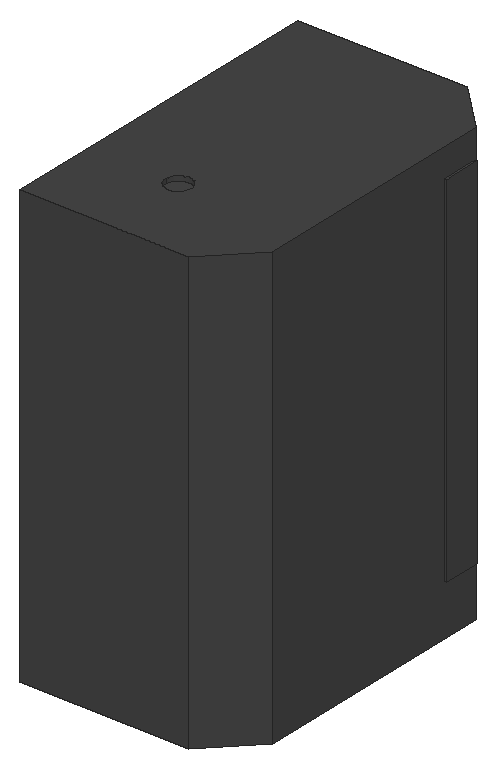
Revit family "SP4180_EUR_REVIT", category Mechanical Equipment, Revit 2014
Parameters (values of type "Standard")
  d31 = 0' - 0"
  d23 = 0' - 0"
  d21 = 0' - 0"
  d17 = 0' - 0"
  URL = "www.neptronic.com"
  Part Number = "SP4180_REVIT"
  Model = "SKE05"
  Manufacturer = "Neptronic"
  Extrusion_End_2 = -d21  # 0' - 0"
  Extrusion_End_1 = -d17  # 0' - 0"
  Designer = "Antoine"
  Design Status = 1
  Description = "Electric Resistive Humidifier"
  Date Created = "2014-06-25 15:40:32"
  Connector_7_Diameter = 0' - 0"
  Connector_4_Diameter = 0' - 0"
  Connector_3_Diameter = 0' - 0"
  Connector_2_Diameter = 0' - 0"
  Author = "Antoine"
Reference planes (in)
  plane 1 "Center (Front/Back)": y = 0
  plane 2: z = 0
  plane 3 "Center (Left/Right)": x = 0
  plane 4: z = 28.01868
Forms (in)
  Sweep 1, solid
    path in 3D
      loop
        line (-2.17535, 8.63093, 28.01868) -> (-2.17535, 8.63093, 4.49868)
    profile origin (-2.17535, 8.63093, 28.01868) x (1, 0, 0) y (0, 1, 0)
      loop
        line (0, 18.50918) -> (0, 0) -> (8.99827, 0) -> (11.50019, 2.50192) -> (11.50019, 16.01644) -> (9.00745, 18.50918) -> (0, 18.50918)
  Extrusion 2, void
    sketch origin (-2.17535, 8.63093, 4.49868) x (0, -1, 0) y (-1, 0, 0)
      loop
        circle (-15.875, -8) r 0.4375
      loop
        circle (-15.875, -3.75) r 0.4375
      loop
        circle (-10.187, -2) r 0.439
      loop
        circle (-11.937, -2) r 0.5315
    from 0 to -0.25
  Extrusion 3, void
    sketch origin (-2.17535, 8.63093, 28.01868) x (0, -1, 0) y (1, 0, 0)
      loop
        circle (-4.55903, 4.79985) r 0.695
    from 0 to -0.25
  Extrusion 4, solid
    sketch origin (-2.17535, 8.63093, 4.49868) x (0, -1, 0) y (-1, 0, 0)
      loop
        circle (-4.125, -9.125) r 0.5315
    from 0 to 0.25
  Extrusion 5, solid
    sketch origin (9.32484, 11.13285, 28.01868) x (0, 0, -1) y (0, 1, 0)
      loop
        line (20.75, 13.38952) -> (1.5, 13.38952) -> (1.5, 11.38952) -> (20.75, 11.38952) -> (20.75, 13.38952)
    from 0 to 0.125
Cuts and joins
  Extrusion 2, Extrusion 3 cuts Sweep 1
  joined: Sweep 1, Extrusion 4, Extrusion 5
Lines and regions (in)
  reference lines
    curve 1: line (-2.17535, 27.14011, 28.01868) -> (-2.17535, 8.63093, 28.01868)
    curve 2: line (-2.17535, 8.63093, 28.01868) -> (6.82292, 8.63093, 28.01868)
    curve 3: line (6.82292, 8.63093, 28.01868) -> (9.32484, 11.13285, 28.01868)
    curve 4: line (9.32484, 11.13285, 28.01868) -> (9.32484, 24.64737, 28.01868)
    curve 5: line (9.32484, 24.64737, 28.01868) -> (6.8321, 27.14011, 28.01868)
    curve 6: line (6.8321, 27.14011, 28.01868) -> (-2.17535, 27.14011, 28.01868)
    curve 7: line (-2.17535, 8.63093, 28.01868) -> (-2.17535, 8.63093, 4.49868)
    curve 8: line (-2.17535, 8.63093, 28.01868) -> (-2.17535, 8.63093, 4.49868)
    curve 10: circle (5.82465, 24.50593, 4.49868) r 0.4375 normal (0, 0, -1)
    curve 11: circle (1.57465, 24.50593, 4.49868) r 0.4375 normal (0, 0, -1)
    curve 12: circle (-0.17535, 18.81793, 4.49868) r 0.439 normal (0, 0, -1)
    curve 13: circle (-0.17535, 20.56793, 4.49868) r 0.5315 normal (0, 0, -1)
    curve 14: circle (2.6245, 13.18996, 28.01868) r 0.695 normal (0, 0, 1)
    curve 15: circle (6.94965, 12.75593, 4.49868) r 0.5315 normal (0, 0, -1)
    curve 16: line (9.32484, 24.52237, 7.26868) -> (9.32484, 24.52237, 26.51868)
    curve 17: line (9.32484, 24.52237, 26.51868) -> (9.32484, 22.52237, 26.51868)
    curve 18: line (9.32484, 22.52237, 26.51868) -> (9.32484, 22.52237, 7.26868)
    curve 19: line (9.32484, 22.52237, 7.26868) -> (9.32484, 24.52237, 7.26868)
  sketch lines
    curve 9: line (-2.17535, 8.63093, 28.01868) -> (-2.17535, 8.63093, 4.49868)
Dimensions and locks (in)
  aligned and locked: plane 2 to level
  aligned and locked: Sweep 1 sketch curve to curve 1
  aligned and locked: Sweep 1 sketch curve to curve 2
  aligned and locked: Sweep 1 sketch curve to curve 3
  aligned and locked: Sweep 1 sketch curve to curve 4
  aligned and locked: Sweep 1 sketch curve to curve 5
  aligned and locked: Sweep 1 sketch curve to curve 6
  aligned and locked: curve 9 to curve 7
  aligned and locked: Extrusion 2 sketch curve to curve 10  (x2)
  aligned and locked: Extrusion 2 sketch curve to curve 11  (x2)
  aligned and locked: Extrusion 2 sketch curve to curve 12  (x2)
  aligned and locked: Extrusion 2 sketch curve to curve 13  (x2)
  aligned and locked: Extrusion 3 sketch curve to curve 14  (x2)
  aligned and locked: Extrusion 4 sketch curve to curve 15  (x2)
  aligned and locked: Extrusion 5 sketch curve to curve 16
  aligned and locked: Extrusion 5 sketch curve to curve 17
  aligned and locked: Extrusion 5 sketch curve to curve 18
  aligned and locked: Extrusion 5 sketch curve to curve 19
Connectors (in)
  piping at (6.94965, 12.75593, 4.24868), driven by "Connector_2_Diameter"
    settings: on cut or joined group of Sweep 1, Extrusion 2, Extrusion 3, Extrusion 4, Extrusion 5, index 1, connector diameter 0", connector inside diameter 24", connector length 0' - 0", flow factor 0, pipe flow 0 GPM, pressure drop 0.00 psi, fitting loss kfactor 0, connector angle 0.00°, fixture units 0, engagement length 0' - 0", angle of deflection 0.00°, flow configuration 1, flow direction 1, fitting loss method 0, system type 20, joint type 0, gender type 0, connector reference index -1, connector utility 0, adjustable connector no, is connector primary yes, connector description "Water Inlet Male 3/4'' G"
  piping at (-0.17535, 20.56793, 4.49868), driven by "Connector_3_Diameter"
    settings: on cut or joined group of Sweep 1, Extrusion 2, Extrusion 3, Extrusion 4, Extrusion 5, index 2, connector diameter 0", connector inside diameter 24", connector length 0' - 0", flow factor 0, pipe flow 0 GPM, pressure drop 0.00 psi, fitting loss kfactor 0, connector angle 0.00°, fixture units 0, engagement length 0' - 0", angle of deflection 0.00°, flow configuration 1, flow direction 2, fitting loss method 0, system type 16, joint type 0, gender type 0, connector reference index -1, connector utility 0, adjustable connector no, is connector primary no, connector description "Main drain 3/4''"
  piping at (-0.17535, 18.81793, 4.49868), driven by "Connector_4_Diameter"
    settings: on cut or joined group of Sweep 1, Extrusion 2, Extrusion 3, Extrusion 4, Extrusion 5, index 3, connector diameter 0", connector inside diameter 24", connector length 0' - 0", flow factor 0, pipe flow 0 GPM, pressure drop 0.00 psi, fitting loss kfactor 0, connector angle 0.00°, fixture units 0, engagement length 0' - 0", angle of deflection 0.00°, flow configuration 1, flow direction 2, fitting loss method 0, system type 16, joint type 0, gender type 0, connector reference index -1, connector utility 0, adjustable connector no, is connector primary no, connector description "Pan Drip drain outlet 1/2''"
  electrical at (1.57465, 24.50593, 4.49868)
    settings: on cut or joined group of Sweep 1, Extrusion 2, Extrusion 3, Extrusion 4, Extrusion 5, index 4, voltage 0 V, apparent load 0 VA, apparent load phase1 0 VA, apparent load phase2 0 VA, apparent load phase3 0 VA, power factor 1, load classification "Other", number of poles 1, system type 13, power factor state 1, is connector primary yes, connector utility no, sub classification motor no, connector description "Low volt control inlet (KO)"
  electrical at (5.82465, 24.50593, 4.49868)
    settings: on cut or joined group of Sweep 1, Extrusion 2, Extrusion 3, Extrusion 4, Extrusion 5, index 5, voltage 0 V, apparent load 0 VA, apparent load phase1 0 VA, apparent load phase2 0 VA, apparent load phase3 0 VA, power factor 0, load classification "Other", number of poles 1, system type 30, power factor state 1, is connector primary no, connector utility no, sub classification motor no, connector description "Power supply inlet (KO)"
  hvac at (2.6245, 13.18996, 28.01868), driven by "Connector_7_Diameter"
    settings: on cut or joined group of Sweep 1, Extrusion 2, Extrusion 3, Extrusion 4, Extrusion 5, index 6, duct flow 0 CFM, flow factor 0, pres drop 0.00 in-wg, loss coef 0, conn angle 0.00°, conn width 12", conn height 12", conn diameter 0", duct sys type 1, conn prof type 0, flow config 1, flow direction 2, loss method 0, conn ref index -1, conn util no, is conn primary yes, conn desc "Steam Outlet 1 3/8''"
